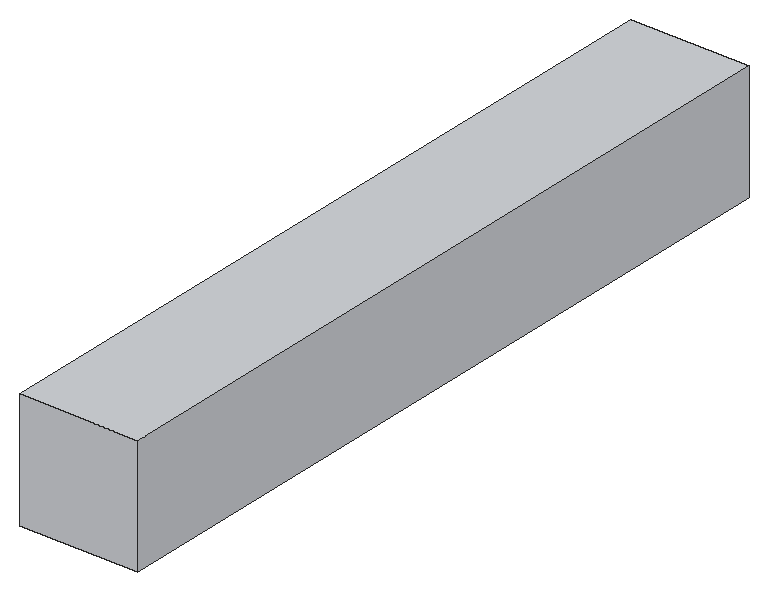
Revit family "XXX_ELT_Medienschiene", category Elektrische Ausstattung, Revit 2015
Parameters (values of type "Medienschiene L=1,30m")
  URL = ""
  Type Comments = ""
  Modell = "Medien"
  Manufacturer = ""
  ELT_Kurzbezeichnung [instance] = "M2"
  Breite = 1300 mm
  Spannung_x = 120 V
  Leistungsfaktor [instance] = 1
  Description = ""
  Keynote = ""
  Anzahl Pole = 1
  Lastklassifizierung = Strom
  Leistung [instance] = 500 VA
  Höhe = 200 mm
  Tiefe = 200 mm
Reference planes
  plane 1 "Mitte (Vorne/hinten)": y = 0
  plane 2: z = 0
  plane 3 "Mitte (Links/rechts)": x = 0
  plane 4: y = 650
  plane 5: y = -650
  plane 6: x = -100
  plane 7: x = 100
  plane 8: z = 200
Forms (mm)
  Extrusion 1, solid
    sketch origin (0, 0, 0) x (1, 0, 0) y (0, 1, 0)
      loop
        line (-100, 650) -> (-100, -650) -> (100, -650) -> (100, 650) -> (-100, 650)
    from 0 to 200
Lines and regions (mm)
  symbolic lines, style "Verteilerschränke Starkstrom", detail levels fine
    curve 1: line (-100, 650, 0) -> (100, 650, 0)
    curve 2: line (-100, -650, 0) -> (-100, 650, 0)
    curve 3: line (100, -650, 0) -> (-100, -650, 0)
    curve 4: line (100, 650, 0) -> (100, -650, 0)
Dimensions and locks
  equal spacing: plane 6, plane 3 "Mitte (Links/rechts)", plane 7
  equal spacing: plane 4, plane 1 "Mitte (Vorne/hinten)", plane 5
  "Höhe": plane 6 to plane 7
  "Breite": plane 4 to plane 5
  "Tiefe": level to plane 8
  aligned and locked: plane 6 to Extrusion 1 sketch curve
  aligned and locked: Extrusion 1 sketch curve to plane 4
  aligned and locked: plane 5 to Extrusion 1 sketch curve
  aligned and locked: Extrusion 1 sketch curve to plane 7
  aligned and locked: plane 8 to Extrusion 1
Automatic sketch dimensions
  curve 3 to plane 5 = 0 mm
  curve 3 to plane 6 = 0 mm
  curve 3 to plane 7 = 0 mm
  curve 2 to plane 4 = 0 mm
